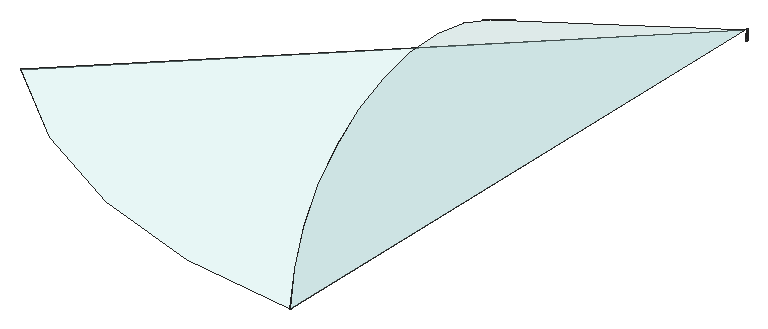
Revit family "Rotor 5000 Series - 5000+SPCSAMRN", category Acessórios do tubo, Revit 2020
Family settings
  Cota do conector redondo = Utilizar diâmetro
  Tipo de parte = Normal
  Número OmniClass = 23.60.30.11.14
  Título OmniClass = Pipework Fittings
  Com base no plano de trabalho = Não
  Sempre na vertical = Sim
  Corte com vazios quando carregada = Não
  Compartilhado = Não
Parameters (values of type "Rain Curtain 6.0")
  Water = Water
  URL = "https://www.rainbird.com/"
  TABLE 65 = "TABLE 65psi"
  TABLE 55 75 = "TABLE 55 75psi"
  TABLE 55 = "TABLE 55psi"
  TABLE 45 = "TABLE 45psi"
  TABLE 35 = "TABLE 35psi"
  TABLE 25 = "TABLE 25psi"
  SupportProjetos: Reviw Date = ""  # constant formula
  SupportProjetos: Reviw = "R00"  # constant formula
  SupportProjetos: Level of Detail = "LOD 300"  # constant formula
  SupportProjetos: Developed = "MICHEL SOARES MOTA"  # constant formula
  SupportProjetos: Creation Date = "07/08/2020"  # constant formula
  Side inlet = no
  Rotation Water Visibility [instance] = Pop up on  # yes
  Rotation Angle [instance] = 45.00°
  RainBird: Product Link = "https://www.rainbird.com/"
  RainBird: Description = "5000+SPCSAMRN Rotor "  # constant formula
  RainBird: Comment [instance] = ""
  RainBird: Code = ""  # constant formula
  Radius [instance] = if(and(Pressure = 25.0 psi, Instance < 25 ft), size_lookup(TABLE 25, "Radius", 0 ft, Instance), if(and(Pressure = 35.0 psi, Instance < 25 ft), size_lookup(TABLE 35, "Radius", 0 ft, Instance), if(and(Pressure = 45.0 psi, Instance < 25 ft), size_lookup(TABLE 45, "Radius", 0 ft, Instance), if(and(Pressure = 55.0 psi, Instance < 13 ft), size_lookup(TABLE 55, "Radius", 0 ft, Instance), if(and(Pressure = 65.0 psi, Instance < 13 ft), size_lookup(TABLE 65, "Radius", 0 ft, Instance), if(and(Pressure > 55.0 psi, Instance > 13 ft), size_lookup(TABLE 55 75, "Radius", 0 ft, Instance), 0 ft))))))  # 50 ft
  RT = 0.009893 ft
  RN = 0.032808 ft
  R5 = 0.03937 ft
  R4 = 0.04101 ft
  R3 = 0.065617 ft
  R2 = 0.075407 ft
  R1 = 0.032808 ft
  Pressure [instance] = 55.0 psi
  Pop up height = 0.334646 ft
  Pop up on [instance] = yes
  Modelo = "5000+SPCSAMRN"  # constant formula
  Instance = 7 ft
  H1 = Body height / 3  # 0.194663 ft
  Flow [instance] = if(and(Pressure = 25.0 psi, Instance < 25 ft), size_lookup(TABLE 25, "Flow", 0.0 GPM, Instance), if(and(Pressure = 35.0 psi, Instance < 25 ft), size_lookup(TABLE 35, "Flow", 0.0 GPM, Instance), if(and(Pressure = 45.0 psi, Instance < 25 ft), size_lookup(TABLE 45, "Flow", 0.0 GPM, Instance), if(and(Pressure = 55.0 psi, Instance < 13 ft), size_lookup(TABLE 55, "Flow", 0.0 GPM, Instance), if(and(Pressure = 65.0 psi, Instance < 13 ft), size_lookup(TABLE 65, "Flow", 0.0 GPM, Instance), if(and(Pressure > 55.0 psi, Instance > 13 ft), size_lookup(TABLE 55 75, "Flow", 0.0 GPM, Instance), 0.0 GPM))))))  # 6.63 GPM
  Fabricante = "Rain Bird"
  Elevação padrão = 0 ft
  Description = RainBird: Description  # "5000+SPCSAMRN Rotor "
  DD13 = 0.002625 ft
  DD12 = 0.003937 ft
  DD11 = 0.009897 ft
  DD10 = 0.016404 ft
  DD8 [instance] = if(Pop up on, Pop up height, 0 ft)  # 0.334646 ft
  DD7 = 0.019685 ft
  DD6 [instance] = 0.016404 ft
  DD5 = 0.065617 ft
  DD4 = 0.032808 ft
  DD3 = 0.091048 ft
  DD2 [instance] = 0.024514 ft
  DD9 [instance] = if(Pop up on, Pop up height + 0.049541 ft, 0 ft)  # 0.384186 ft
  DD1 = 0.006562 ft
  Conection = 0.062664 ft  # constant formula
  Body height = 0.58399 ft
  Blue = Blue Plastic
  Black Plastic = Black Plastic
  Angle = 25.00°
Types (25, lengths in ft): name | Rotation Angle | Radius | Pressure | Instance | Flow
  (no name) | 45.00° | 50 | 55.0 psi | 7 | 6.63 GPM
  Rain Curtain 1.5 | 180.00° | 33 | 25.0 psi | 1 | 1.12 GPM
  Rain Curtain 2.0 | 180.00° | 35 | 25.0 psi | 2 | 1.5 GPM
  Rain Curtain 3.0 | 180.00° | 36 | 25.0 psi | 4 | 2.26 GPM
  Rain Curtain 4.0 | 180.00° | 36 | 25.0 psi | 5 | 2.91 GPM
  Rain Curtain 5.0 | 180.00° | 37 | 25.0 psi | 6 | 3.72 GPM
  Rain Curtain 6.0 | 45.00° | 50 | 55.0 psi | 7 | 6.63 GPM
  Rain Curtain 8.0 | 180.00° | 33 | 25.0 psi | 8 | 5.9 GPM
  Rain Curtain 2.5 | 180.00° | 35 | 25.0 psi | 3 | 1.81 GPM
  1.0 LA | 180.00° | 25 | 25.0 psi | 9 | 0.76 GPM
  1.5 LA | 180.00° | 27 | 25.0 psi | 10 | 1.15 GPM
  2.0 LA | 180.00° | 29 | 25.0 psi | 11 | 1.47 GPM
  3.0 LA | 180.00° | 29 | 25.0 psi | 12 | 2.23 GPM
  PRS Rain Curtain 1.5 | 180.00° | 33 | 25.0 psi | 13 | 1.12 GPM
  PRS Rain Curtain 2.0 | 180.00° | 35 | 25.0 psi | 14 | 1.5 GPM
  PRS Rain Curtain 2.5 | 180.00° | 35 | 25.0 psi | 15 | 1.81 GPM
  PRS Rain Curtain 3.0 | 180.00° | 36 | 25.0 psi | 16 | 2.26 GPM
  PRS Rain Curtain 4.0 | 180.00° | 36 | 25.0 psi | 17 | 2.91 GPM
  PRS Rain Curtain 5.0 | 180.00° | 37 | 25.0 psi | 18 | 3.72 GPM
  PRS Rain Curtain 6.0 | 180.00° | 37 | 25.0 psi | 19 | 4.25 GPM
  PRS Rain Curtain 8.0 | 180.00° | 33 | 25.0 psi | 20 | 5.9 GPM
  PRS 1.0 LA | 180.00° | 25 | 25.0 psi | 21 | 0.76 GPM
  PRS 1.5 LA | 180.00° | 27 | 25.0 psi | 22 | 1.15 GPM
  PRS 2.0 LA | 180.00° | 29 | 25.0 psi | 23 | 1.47 GPM
  PRS 3.0 LA | 180.00° | 29 | 25.0 psi | 24 | 2.23 GPM
Reference planes (ft)
  plane 1 "Centro (Frente/Trás)": y = 0
  plane 2: z = 0
  plane 3 "Centro (Esquerda/Direita)": x = 0
  plane 4: z = 0.003937
  plane 5: z = 0.002625
  plane 6: y = -0.065617
Forms (ft)
  Revolve 1, solid, material "Black Plastic" <- "Black Plastic"
    sketch origin (0, 0, 0) x (1, 0, 0) y (0, 0, 1)
      loop
        line (0.075407, -0.091048) -> (0.075407, -0.035324)
        arc (0.075407, -0.035324) -> (0.072509, -0.028329) -> (0.065514, -0.025431) r 0.009893
        line (0.065514, -0.025431) -> (0.046098, -0.025431) -> (0.046098, 0) -> (0.03937, 0) -> (0.03937, -0.334646) -> (0.019685, -0.334646) -> (0.019685, -0.577428) -> (0.032808, -0.577428) -> (0.032808, -0.58399) -> (0.04101, -0.58399) -> (0.04101, -0.577428) -> (0.055724, -0.577428)
        arc (0.055724, -0.577428) -> (0.062719, -0.57453) -> (0.065617, -0.567535) r 0.009893
        line (0.065617, -0.567535) -> (0.065617, -0.091048) -> (0.075407, -0.091048)
      axis (0, -0.58399) -> (0, 0)
    angle from 0 to 360
  Extrusion 2, solid, material "Black Plastic" <- "Black Plastic"
    sketch origin (0, 0, 0) x (1, 0, 0) y (0, 1, 0)
      loop
        circle (0, 0) r 0.032808
    from -0.334646 to 0.334646
  Extrusion 3, void
    sketch origin (0, 0, 0) x (1, 0, 0) y (0, 1, 0)
      loop
        circle (0, 0) r 0.022844
    from -0.334646 to 0.334646
  Revolve 4, solid, material "Black Plastic" <- "Black Plastic"
    sketch origin (0, 0, 0) x (1, 0, 0) y (0, 0, 1)
      loop
        line (0, 0.334646) -> (0.037004, 0.334646) -> (0.037004, 0.344543)
        arc (0.037004, 0.344543) -> (0.01879, 0.349436) -> (0, 0.35105) r 0.10685
        line (0, 0.35105) -> (0, 0.334646)
      axis (0, 0.334646) -> (0, 0.35105)
    angle from 0 to 360
  Extrusion 5, solid, material "Blue Plastic" <- "Blue"
    sketch origin (0, 0, 0) x (1, 0, 0) y (0, 0, 1)
      loop
        circle (0, 0.310131) r 0.009129
      loop
        circle (0, 0.310131) r 0.004793
    from 0 to 0.034386
  Extrusion 6, void
    sketch origin (0, 0, 0) x (1, 0, 0) y (0, 0, 1)
      loop
        line (-0.02074, 0.328055) -> (-0.02074, 0.282426) -> (0.020672, 0.282426) -> (0.020672, 0.328055) -> (-0.02074, 0.328055)
      loop
        line (-0.018439, 0.325179) -> (-0.018439, 0.285685) -> (0.018179, 0.285685) -> (0.018179, 0.325179) -> (-0.018439, 0.325179)
    from 0.024556 to 0.06931
  Extrusion 7, solid, material "Black Plastic" <- "Black Plastic"
    sketch origin (0, 0, 0) x (1, 0, 0) y (0, 0, 1)
      loop
        line (0.046098, 0) -> (0.046098, -0.036876) -> (0.073493, -0.036876) -> (0.046098, 0)
    from -0.002998 to 0.002998
  Extrusion 8, solid, material "Black Plastic" <- "Black Plastic"
    sketch origin (0, 0, 0) x (-1, 0, 0) y (0, 0, -1)
      loop
        line (0.046098, 0) -> (0.073493, 0.036876) -> (0.046098, 0.036876) -> (0.046098, 0)
    from -0.002998 to 0.002998
  Extrusion 9, solid, material "Black Plastic" <- "Black Plastic"
    sketch origin (0, 0, 0) x (0.866025, 0.5, 0) y (0, 0, 1)
      loop
        line (0.046098, 0) -> (0.046098, -0.036876) -> (0.073493, -0.036876) -> (0.046098, 0)
    from -0.002998 to 0.002998
  Extrusion 10, solid, material "Black Plastic" <- "Black Plastic"
    sketch origin (0, 0, 0) x (-0.866025, -0.5, 0) y (0, 0, -1)
      loop
        line (0.046098, 0) -> (0.073493, 0.036876) -> (0.046098, 0.036876) -> (0.046098, 0)
    from -0.002998 to 0.002998
  Extrusion 11, solid, material "Black Plastic" <- "Black Plastic"
    sketch origin (0, 0, 0) x (0, 1, 0) y (0, 0, 1)
      loop
        line (0.046098, 0) -> (0.046098, -0.036876) -> (0.073493, -0.036876) -> (0.046098, 0)
    from -0.002998 to 0.002998
  Extrusion 12, solid, material "Black Plastic" <- "Black Plastic"
    sketch origin (0, 0, 0) x (0, -1, 0) y (0, 0, -1)
      loop
        line (0.046098, 0) -> (0.073493, 0.036876) -> (0.046098, 0.036876) -> (0.046098, 0)
    from -0.002998 to 0.002998
  Extrusion 13, solid, material "Black Plastic" <- "Black Plastic"
    sketch origin (0, 0, 0) x (0.5, 0.866025, 0) y (0, 0, 1)
      loop
        line (0.046098, 0) -> (0.046098, -0.036876) -> (0.073493, -0.036876) -> (0.046098, 0)
    from -0.002998 to 0.002998
  Extrusion 14, solid, material "Black Plastic" <- "Black Plastic"
    sketch origin (0, 0, 0) x (-0.5, -0.866025, 0) y (0, 0, -1)
      loop
        line (0.046098, 0) -> (0.073493, 0.036876) -> (0.046098, 0.036876) -> (0.046098, 0)
    from -0.002998 to 0.002998
  Extrusion 15, solid, material "Black Plastic" <- "Black Plastic"
    sketch origin (0, 0, 0) x (-0.5, 0.866025, 0) y (0, 0, 1)
      loop
        line (0.046098, 0) -> (0.046098, -0.036876) -> (0.073493, -0.036876) -> (0.046098, 0)
    from -0.002998 to 0.002998
  Extrusion 16, solid, material "Black Plastic" <- "Black Plastic"
    sketch origin (0, 0, 0) x (0.5, -0.866025, 0) y (0, 0, -1)
      loop
        line (0.046098, 0) -> (0.073493, 0.036876) -> (0.046098, 0.036876) -> (0.046098, 0)
    from -0.002998 to 0.002998
  Extrusion 17, solid, material "Black Plastic" <- "Black Plastic"
    sketch origin (0, 0, 0) x (-0.866025, 0.5, 0) y (0, 0, 1)
      loop
        line (0.046098, 0) -> (0.046098, -0.036876) -> (0.073493, -0.036876) -> (0.046098, 0)
    from -0.002998 to 0.002998
  Extrusion 18, solid, material "Black Plastic" <- "Black Plastic"
    sketch origin (0, 0, 0) x (0.866025, -0.5, 0) y (0, 0, -1)
      loop
        line (0.046098, 0) -> (0.073493, 0.036876) -> (0.046098, 0.036876) -> (0.046098, 0)
    from -0.002998 to 0.002998
  Extrusion 19, void
    sketch origin (0, 0, 0) x (1, 0, 0) y (0, 1, 0)
      loop
        line (-0.002998, 0.077702) -> (-0.002998, 0.071655) -> (0.002998, 0.071655) -> (0.002998, 0.077702) -> (-0.002998, 0.077702)
    from -0.091048 to 0.82021
  Extrusion 20, void
    sketch origin (0, 0, 0) x (1, 0, 0) y (0, 1, 0)
      loop
        line (0.002998, -0.077702) -> (0.002998, -0.071655) -> (-0.002998, -0.071655) -> (-0.002998, -0.077702) -> (0.002998, -0.077702)
    from -0.091048 to 0.82021
  Extrusion 21, void
    sketch origin (0, 0, 0) x (0.965926, 0.258819, 0) y (-0.258819, 0.965926, 0)
      loop
        line (-0.002998, 0.077702) -> (-0.002998, 0.071655) -> (0.002998, 0.071655) -> (0.002998, 0.077702) -> (-0.002998, 0.077702)
    from -0.091048 to 0.82021
  Extrusion 22, void
    sketch origin (0, 0, 0) x (0.965926, 0.258819, 0) y (-0.258819, 0.965926, 0)
      loop
        line (0.002998, -0.077702) -> (0.002998, -0.071655) -> (-0.002998, -0.071655) -> (-0.002998, -0.077702) -> (0.002998, -0.077702)
    from -0.091048 to 0.82021
  Extrusion 23, void
    sketch origin (0, 0, 0) x (0.866025, 0.5, 0) y (-0.5, 0.866025, 0)
      loop
        line (-0.002998, 0.077702) -> (-0.002998, 0.071655) -> (0.002998, 0.071655) -> (0.002998, 0.077702) -> (-0.002998, 0.077702)
    from -0.091048 to 0.82021
  Extrusion 24, void
    sketch origin (0, 0, 0) x (0.866025, 0.5, 0) y (-0.5, 0.866025, 0)
      loop
        line (0.002998, -0.077702) -> (0.002998, -0.071655) -> (-0.002998, -0.071655) -> (-0.002998, -0.077702) -> (0.002998, -0.077702)
    from -0.091048 to 0.82021
  Extrusion 25, void
    sketch origin (0, 0, 0) x (0.5, 0.866025, 0) y (-0.866025, 0.5, 0)
      loop
        line (-0.002998, 0.077702) -> (-0.002998, 0.071655) -> (0.002998, 0.071655) -> (0.002998, 0.077702) -> (-0.002998, 0.077702)
    from -0.091048 to 0.82021
  Extrusion 26, void
    sketch origin (0, 0, 0) x (0.5, 0.866025, 0) y (-0.866025, 0.5, 0)
      loop
        line (0.002998, -0.077702) -> (0.002998, -0.071655) -> (-0.002998, -0.071655) -> (-0.002998, -0.077702) -> (0.002998, -0.077702)
    from -0.091048 to 0.82021
  Extrusion 27, void
    sketch origin (0, 0, 0) x (0.707107, 0.707107, 0) y (-0.707107, 0.707107, 0)
      loop
        line (-0.002998, 0.077702) -> (-0.002998, 0.071655) -> (0.002998, 0.071655) -> (0.002998, 0.077702) -> (-0.002998, 0.077702)
    from -0.091048 to 0.82021
  Extrusion 28, void
    sketch origin (0, 0, 0) x (0.707107, 0.707107, 0) y (-0.707107, 0.707107, 0)
      loop
        line (0.002998, -0.077702) -> (0.002998, -0.071655) -> (-0.002998, -0.071655) -> (-0.002998, -0.077702) -> (0.002998, -0.077702)
    from -0.091048 to 0.82021
  Extrusion 29, void
    sketch origin (0, 0, 0) x (0.258819, 0.965926, 0) y (-0.965926, 0.258819, 0)
      loop
        line (-0.002998, 0.077702) -> (-0.002998, 0.071655) -> (0.002998, 0.071655) -> (0.002998, 0.077702) -> (-0.002998, 0.077702)
    from -0.091048 to 0.82021
  Extrusion 30, void
    sketch origin (0, 0, 0) x (0.258819, 0.965926, 0) y (-0.965926, 0.258819, 0)
      loop
        line (0.002998, -0.077702) -> (0.002998, -0.071655) -> (-0.002998, -0.071655) -> (-0.002998, -0.077702) -> (0.002998, -0.077702)
    from -0.091048 to 0.82021
  Extrusion 31, void
    sketch origin (0, 0, 0) x (0, 1, 0) y (-1, 0, 0)
      loop
        line (-0.002998, 0.077702) -> (-0.002998, 0.071655) -> (0.002998, 0.071655) -> (0.002998, 0.077702) -> (-0.002998, 0.077702)
    from -0.091048 to 0.82021
  Extrusion 32, void
    sketch origin (0, 0, 0) x (0, 1, 0) y (-1, 0, 0)
      loop
        line (0.002998, -0.077702) -> (0.002998, -0.071655) -> (-0.002998, -0.071655) -> (-0.002998, -0.077702) -> (0.002998, -0.077702)
    from -0.091048 to 0.82021
  Extrusion 33, void
    sketch origin (0, 0, 0) x (-0.258819, 0.965926, 0) y (-0.965926, -0.258819, 0)
      loop
        line (-0.002998, 0.077702) -> (-0.002998, 0.071655) -> (0.002998, 0.071655) -> (0.002998, 0.077702) -> (-0.002998, 0.077702)
    from -0.091048 to 0.82021
  Extrusion 34, void
    sketch origin (0, 0, 0) x (-0.258819, 0.965926, 0) y (-0.965926, -0.258819, 0)
      loop
        line (0.002998, -0.077702) -> (0.002998, -0.071655) -> (-0.002998, -0.071655) -> (-0.002998, -0.077702) -> (0.002998, -0.077702)
    from -0.091048 to 0.82021
  Extrusion 35, void
    sketch origin (0, 0, 0) x (-0.5, 0.866025, 0) y (-0.866025, -0.5, 0)
      loop
        line (-0.002998, 0.077702) -> (-0.002998, 0.071655) -> (0.002998, 0.071655) -> (0.002998, 0.077702) -> (-0.002998, 0.077702)
    from -0.091048 to 0.82021
  Extrusion 36, void
    sketch origin (0, 0, 0) x (-0.5, 0.866025, 0) y (-0.866025, -0.5, 0)
      loop
        line (0.002998, -0.077702) -> (0.002998, -0.071655) -> (-0.002998, -0.071655) -> (-0.002998, -0.077702) -> (0.002998, -0.077702)
    from -0.091048 to 0.82021
  Extrusion 37, void
    sketch origin (0, 0, 0) x (-0.707107, 0.707107, 0) y (-0.707107, -0.707107, 0)
      loop
        line (-0.002998, 0.077702) -> (-0.002998, 0.071655) -> (0.002998, 0.071655) -> (0.002998, 0.077702) -> (-0.002998, 0.077702)
    from -0.091048 to 0.82021
  Extrusion 38, void
    sketch origin (0, 0, 0) x (-0.707107, 0.707107, 0) y (-0.707107, -0.707107, 0)
      loop
        line (0.002998, -0.077702) -> (0.002998, -0.071655) -> (-0.002998, -0.071655) -> (-0.002998, -0.077702) -> (0.002998, -0.077702)
    from -0.091048 to 0.82021
  Extrusion 39, void
    sketch origin (0, 0, 0) x (-0.866025, 0.5, 0) y (-0.5, -0.866025, 0)
      loop
        line (-0.002998, 0.077702) -> (-0.002998, 0.071655) -> (0.002998, 0.071655) -> (0.002998, 0.077702) -> (-0.002998, 0.077702)
    from -0.091048 to 0.82021
  Extrusion 40, void
    sketch origin (0, 0, 0) x (-0.866025, 0.5, 0) y (-0.5, -0.866025, 0)
      loop
        line (0.002998, -0.077702) -> (0.002998, -0.071655) -> (-0.002998, -0.071655) -> (-0.002998, -0.077702) -> (0.002998, -0.077702)
    from -0.091048 to 0.82021
  Extrusion 41, void
    sketch origin (0, 0, 0) x (-0.965926, 0.258819, 0) y (-0.258819, -0.965926, 0)
      loop
        line (-0.002998, 0.077702) -> (-0.002998, 0.071655) -> (0.002998, 0.071655) -> (0.002998, 0.077702) -> (-0.002998, 0.077702)
    from -0.091048 to 0.82021
  Extrusion 42, void
    sketch origin (0, 0, 0) x (-0.965926, 0.258819, 0) y (-0.258819, -0.965926, 0)
      loop
        line (0.002998, -0.077702) -> (0.002998, -0.071655) -> (-0.002998, -0.071655) -> (-0.002998, -0.077702) -> (0.002998, -0.077702)
    from -0.091048 to 0.82021
  Extrusion 43, solid, material "Water" <- "Water", visible <- "Rotation Water Visibility"
    sketch origin (0, 0, 0) x (0, 1, 0) y (0, 0, 1)
      loop
        line (-0.032808, 0.310131) -> (-28.112196, 13.403765)
        arc (-28.112196, 13.403765) -> (-42.542576, 12.666347) -> (-50.032808, 0.310131) r 15.426605
        line (-50.032808, 0.310131) -> (-0.032808, 0.310131)
    from -0.008202 to 0.008202
Cuts and joins
  Extrusion 3, Extrusion 6 cuts Extrusion 2
  Extrusion 19, Extrusion 20, Extrusion 21, Extrusion 22, Extrusion 23, Extrusion 24, Extrusion 25, Extrusion 26, Extrusion 27, Extrusion 28, Extrusion 29, Extrusion 30, Extrusion 31, Extrusion 32, Extrusion 33, Extrusion 34, Extrusion 35, Extrusion 36, Extrusion 37, Extrusion 38, Extrusion 39, Extrusion 40, Extrusion 41, Extrusion 42 cuts Revolve 1
Dimensions and locks (ft)
  "Body height": level to Revolve 1 sketch curve
  "R2": Revolve 1 sketch curve to plane 3 "Centro (Esquerda/Direita)"
  "DD1": Revolve 1 sketch curve to Revolve 1 sketch curve
  "DD3": level to Revolve 1 sketch curve
  Revolve 1 sketch curve to plane 3 "Centro (Esquerda/Direita)" = 0.065617 ft
  "R4": Revolve 1 sketch curve to plane 3 "Centro (Esquerda/Direita)"
  "RN": Revolve 1 sketch curve to plane 3 "Centro (Esquerda/Direita)"
  "Pop up height": level to Revolve 1 sketch curve
  "R5": plane 3 "Centro (Esquerda/Direita)" to Revolve 1 sketch curve
  "DD7": Revolve 1 sketch curve to plane 3 "Centro (Esquerda/Direita)"
  "DD8": Extrusion 2 to level
  "DD12": plane 4 to level
  "DD13": plane 5 to level
  "R3": plane 6 to plane 1 "Centro (Frente/Trás)"
  "DD5": Revolve 1 sketch curve to Revolve 1 sketch curve
  "DD10": Revolve 4 sketch curve to Revolve 4 sketch curve
  "DD11": Revolve 4 sketch curve to Revolve 4 sketch curve
  "DD2": Revolve 4 to Extrusion 5 sketch curve  (x2)
  Extrusion 7 to plane 3 "Centro (Esquerda/Direita)" = 0.046098 ft
  equal spacing: Extrusion 7, plane 1 "Centro (Frente/Trás)", Extrusion 7
  Extrusion 8 to Extrusion 8 = 0.005995 ft
  Extrusion 9 to Extrusion 9 = 0.005995 ft
  Extrusion 20 sketch curve to Extrusion 20 sketch curve = 0.005995 ft
  Extrusion 22 sketch curve to Extrusion 22 sketch curve = 0.005995 ft
  Extrusion 24 sketch curve to Extrusion 24 sketch curve = 0.005995 ft
  Extrusion 26 sketch curve to Extrusion 26 sketch curve = 0.005995 ft
  Extrusion 28 sketch curve to Extrusion 28 sketch curve = 0.005995 ft
  Extrusion 30 sketch curve to Extrusion 30 sketch curve = 0.005995 ft
  Extrusion 32 sketch curve to Extrusion 32 sketch curve = 0.005995 ft
  Extrusion 34 sketch curve to Extrusion 34 sketch curve = 0.005995 ft
  Extrusion 36 sketch curve to Extrusion 36 sketch curve = 0.005995 ft
  Extrusion 38 sketch curve to Extrusion 38 sketch curve = 0.005995 ft
  Extrusion 40 sketch curve to Extrusion 40 sketch curve = 0.005995 ft
  Extrusion 42 sketch curve to Extrusion 42 sketch curve = 0.005995 ft
  "DD4": plane 1 "Centro (Frente/Trás)" to Extrusion 43 sketch curve
  "DD2": Revolve 4 to Extrusion 43 sketch curve
  "Radius": Extrusion 43 sketch curve to Extrusion 43 sketch curve
  equal spacing: Extrusion 43, plane 3 "Centro (Esquerda/Direita)", Extrusion 43
  "DD6": Extrusion 43 to Extrusion 43
  "DD2": Revolve 4 to nested 1
  "RT": radius of Revolve 1 sketch curve  (x2)
  "R1": radius of Extrusion 2 sketch curve
  "Angle": angle Extrusion 43 sketch curve to Extrusion 43 sketch curve
  aligned and locked: level to plane 2
  aligned and locked: Revolve 1 sketch curve to Revolve 1 sketch curve
  aligned and locked: Extrusion 2 to Revolve 1
  aligned and locked: cut or joined group of Extrusion 2, Extrusion 3, Extrusion 6 to cut or joined group of Extrusion 2, Extrusion 3, Extrusion 6  (x2)
  aligned and locked: Revolve 4 sketch curve to cut or joined group of Extrusion 2, Extrusion 3, Extrusion 6
  aligned and locked: Extrusion 20 to Revolve 1
  aligned and locked: Extrusion 22 to Revolve 1
  aligned and locked: Extrusion 24 to Revolve 1
  aligned and locked: Extrusion 28 to Revolve 1
  aligned and locked: Extrusion 26 to Revolve 1
  aligned and locked: Extrusion 30 to Revolve 1
  aligned and locked: Extrusion 32 to Revolve 1
  aligned and locked: Extrusion 34 to Revolve 1
  aligned and locked: Revolve 1 to Extrusion 36
  aligned and locked: Revolve 1 to Extrusion 38
  aligned and locked: Extrusion 41 to Revolve 1
  aligned and locked: Extrusion 39 to Revolve 1
  aligned and locked: Extrusion 37 to Revolve 1
  aligned and locked: Extrusion 35 to Revolve 1
  aligned and locked: Extrusion 33 to Revolve 1
  aligned and locked: Extrusion 31 to Revolve 1
  aligned and locked: Extrusion 29 to Revolve 1
  aligned and locked: Revolve 1 to Extrusion 25
  aligned and locked: Revolve 1 to Extrusion 27
  aligned and locked: Revolve 1 to Extrusion 19
  aligned and locked: Revolve 1 to Extrusion 21
  aligned and locked: Revolve 1 to Extrusion 42
  aligned and locked: Revolve 1 to Extrusion 40
  aligned and locked: Revolve 1 to Extrusion 23
Automatic sketch dimensions
  plane 1 "Centro (Frente/Trás)" to Extrusion 2 sketch curve = 0 ft
  Extrusion 2 sketch curve to plane 3 "Centro (Esquerda/Direita)" = 0 ft
  plane 1 "Centro (Frente/Trás)" to Extrusion 3 sketch curve = 0 ft
  Extrusion 3 sketch curve to plane 3 "Centro (Esquerda/Direita)" = 0 ft
  Revolve 4 sketch curve to plane 3 "Centro (Esquerda/Direita)" = 0 ft  (x2)
  plane 3 "Centro (Esquerda/Direita)" to Revolve 4 sketch curve = 0.000284 ft
  plane 3 "Centro (Esquerda/Direita)" to Revolve 4 sketch curve = 0.037004 ft
  Revolve 4 sketch curve to Revolve 4 sketch curve = 0.015719 ft
  Revolve 4 sketch curve to Revolve 4 sketch curve = 0.114829 ft
  Extrusion 5 sketch curve to Extrusion 5 sketch curve = 0 ft
  Extrusion 5 sketch curve to plane 3 "Centro (Esquerda/Direita)" = 0 ft
  Extrusion 6 sketch curve to plane 3 "Centro (Esquerda/Direita)" = 0.02074 ft
  Extrusion 6 sketch curve to Extrusion 6 sketch curve = 0.002301 ft
  plane 3 "Centro (Esquerda/Direita)" to Extrusion 6 sketch curve = 0.018179 ft
  Extrusion 6 sketch curve to Extrusion 6 sketch curve = 0.002492 ft
  plane 4 to Extrusion 6 sketch curve = 0.278489 ft
  Extrusion 6 sketch curve to Extrusion 6 sketch curve = 0.003259 ft
  Extrusion 6 sketch curve to Extrusion 6 sketch curve = 0.039494 ft
  Extrusion 6 sketch curve to Extrusion 6 sketch curve = 0.002876 ft
  Extrusion 7 sketch curve to level = 0 ft
  plane 3 "Centro (Esquerda/Direita)" to Extrusion 7 sketch curve = 0.046098 ft
  Extrusion 7 sketch curve to Extrusion 7 sketch curve = 0.027396 ft
  Extrusion 7 sketch curve to Extrusion 7 sketch curve = 0.036876 ft
  Extrusion 8 sketch curve to level = 0 ft
  plane 3 "Centro (Esquerda/Direita)" to Extrusion 8 sketch curve = 0.046098 ft
  Extrusion 8 sketch curve to Extrusion 8 sketch curve = 0.027396 ft
  Extrusion 8 sketch curve to Extrusion 8 sketch curve = 0.036876 ft
  Extrusion 9 sketch curve to level = 0 ft
  Extrusion 9 sketch curve to level = 0.036876 ft
  Extrusion 9 sketch curve to Extrusion 9 sketch curve = 0.027396 ft
  Extrusion 10 sketch curve to level = 0 ft
  Extrusion 10 sketch curve to level = 0.036876 ft
  Extrusion 10 sketch curve to Extrusion 10 sketch curve = 0.027396 ft
  Extrusion 11 sketch curve to level = 0 ft
  Extrusion 11 sketch curve to plane 1 "Centro (Frente/Trás)" = 0.046098 ft
  Extrusion 11 sketch curve to Extrusion 11 sketch curve = 0.027396 ft
  Extrusion 11 sketch curve to Extrusion 11 sketch curve = 0.036876 ft
  Extrusion 12 sketch curve to level = 0 ft
  plane 6 to Extrusion 12 sketch curve = 0.019519 ft
  Extrusion 12 sketch curve to plane 6 = 0.007877 ft
  Extrusion 12 sketch curve to level = 0.036876 ft
  Extrusion 13 sketch curve to level = 0 ft
  Extrusion 13 sketch curve to level = 0.036876 ft
  Extrusion 13 sketch curve to Extrusion 13 sketch curve = 0.027396 ft
  Extrusion 14 sketch curve to level = 0 ft
  Extrusion 14 sketch curve to level = 0.036876 ft
  Extrusion 14 sketch curve to Extrusion 14 sketch curve = 0.027396 ft
  level to Extrusion 15 sketch curve = 0 ft
  Extrusion 15 sketch curve to level = 0.036876 ft
  Extrusion 15 sketch curve to Extrusion 15 sketch curve = 0.027396 ft
  level to Extrusion 16 sketch curve = 0 ft
  Extrusion 16 sketch curve to level = 0.036876 ft
  Extrusion 16 sketch curve to Extrusion 16 sketch curve = 0.027396 ft
  level to Extrusion 17 sketch curve = 0 ft
  Extrusion 17 sketch curve to level = 0.036876 ft
  Extrusion 17 sketch curve to Extrusion 17 sketch curve = 0.027396 ft
  level to Extrusion 18 sketch curve = 0 ft
  Extrusion 18 sketch curve to level = 0.036876 ft
  Extrusion 18 sketch curve to Extrusion 18 sketch curve = 0.027396 ft
  Extrusion 19 sketch curve to plane 3 "Centro (Esquerda/Direita)" = 0.002998 ft
  Extrusion 19 sketch curve to plane 1 "Centro (Frente/Trás)" = 0.071655 ft
  Extrusion 19 sketch curve to Extrusion 19 sketch curve = 0.006047 ft
  plane 3 "Centro (Esquerda/Direita)" to Extrusion 20 sketch curve = 0.002998 ft
  plane 6 to Extrusion 20 sketch curve = 0.006038 ft
  Extrusion 20 sketch curve to Extrusion 20 sketch curve = 0.006047 ft
  plane 3 "Centro (Esquerda/Direita)" to Extrusion 19 sketch curve = 0.002998 ft
  Extrusion 21 sketch curve to plane 3 "Centro (Esquerda/Direita)" = 0.021441 ft
  Extrusion 21 sketch curve to plane 1 "Centro (Frente/Trás)" = 0.068438 ft
  Extrusion 21 sketch curve to Extrusion 21 sketch curve = 0.005995 ft
  Extrusion 21 sketch curve to Extrusion 21 sketch curve = 0.006047 ft
  Extrusion 22 sketch curve to plane 6 = 0.010213 ft
  plane 3 "Centro (Esquerda/Direita)" to Extrusion 22 sketch curve = 0.017215 ft
  Extrusion 22 sketch curve to Extrusion 22 sketch curve = 0.006047 ft
  Extrusion 23 sketch curve to plane 3 "Centro (Esquerda/Direita)" = 0.038424 ft
  Extrusion 23 sketch curve to plane 1 "Centro (Frente/Trás)" = 0.060556 ft
  Extrusion 23 sketch curve to Extrusion 23 sketch curve = 0.005995 ft
  Extrusion 23 sketch curve to Extrusion 23 sketch curve = 0.006047 ft
  Extrusion 24 sketch curve to plane 6 = 0.003174 ft
  plane 3 "Centro (Esquerda/Direita)" to Extrusion 24 sketch curve = 0.036255 ft
  Extrusion 24 sketch curve to Extrusion 24 sketch curve = 0.006047 ft
  Extrusion 25 sketch curve to plane 1 "Centro (Frente/Trás)" = 0.033231 ft
  Extrusion 25 sketch curve to plane 3 "Centro (Esquerda/Direita)" = 0.063554 ft
  Extrusion 25 sketch curve to Extrusion 25 sketch curve = 0.005995 ft
  Extrusion 25 sketch curve to Extrusion 25 sketch curve = 0.006047 ft
  Extrusion 26 sketch curve to plane 6 = 0.02417 ft
  Extrusion 26 sketch curve to plane 3 "Centro (Esquerda/Direita)" = 0.065793 ft
  Extrusion 26 sketch curve to Extrusion 26 sketch curve = 0.006047 ft
  Extrusion 27 sketch curve to plane 1 "Centro (Frente/Trás)" = 0.048548 ft
  Extrusion 27 sketch curve to plane 3 "Centro (Esquerda/Direita)" = 0.052787 ft
  Extrusion 27 sketch curve to Extrusion 27 sketch curve = 0.005995 ft
  Extrusion 27 sketch curve to Extrusion 27 sketch curve = 0.006047 ft
  plane 6 to Extrusion 28 sketch curve = 0.008554 ft
  plane 3 "Centro (Esquerda/Direita)" to Extrusion 28 sketch curve = 0.052824 ft
  Extrusion 28 sketch curve to Extrusion 28 sketch curve = 0.006047 ft
  Extrusion 29 sketch curve to plane 1 "Centro (Frente/Trás)" = 0.01565 ft
  Extrusion 29 sketch curve to plane 3 "Centro (Esquerda/Direita)" = 0.069989 ft
  Extrusion 29 sketch curve to Extrusion 29 sketch curve = 0.005995 ft
  Extrusion 29 sketch curve to Extrusion 29 sketch curve = 0.006047 ft
  plane 1 "Centro (Frente/Trás)" to Extrusion 30 sketch curve = 0.023006 ft
  plane 3 "Centro (Esquerda/Direita)" to Extrusion 30 sketch curve = 0.074278 ft
  Extrusion 30 sketch curve to Extrusion 30 sketch curve = 0.006047 ft
  plane 1 "Centro (Frente/Trás)" to Extrusion 31 sketch curve = 0.002998 ft
  Extrusion 31 sketch curve to plane 1 "Centro (Frente/Trás)" = 0.002998 ft
  Extrusion 31 sketch curve to plane 3 "Centro (Esquerda/Direita)" = 0.071655 ft
  Extrusion 31 sketch curve to Extrusion 31 sketch curve = 0.006047 ft
  plane 1 "Centro (Frente/Trás)" to Extrusion 32 sketch curve = 0.002998 ft
  plane 3 "Centro (Esquerda/Direita)" to Extrusion 32 sketch curve = 0.077702 ft
  Extrusion 32 sketch curve to Extrusion 32 sketch curve = 0.006047 ft
  plane 1 "Centro (Frente/Trás)" to Extrusion 33 sketch curve = 0.021441 ft
  Extrusion 33 sketch curve to plane 3 "Centro (Esquerda/Direita)" = 0.068438 ft
  Extrusion 33 sketch curve to Extrusion 33 sketch curve = 0.005995 ft
  Extrusion 33 sketch curve to Extrusion 33 sketch curve = 0.006047 ft
  Extrusion 34 sketch curve to plane 1 "Centro (Frente/Trás)" = 0.017215 ft
  plane 3 "Centro (Esquerda/Direita)" to Extrusion 34 sketch curve = 0.07583 ft
  Extrusion 34 sketch curve to Extrusion 34 sketch curve = 0.006047 ft
  plane 6 to Extrusion 35 sketch curve = 0.027193 ft
  Extrusion 35 sketch curve to plane 3 "Centro (Esquerda/Direita)" = 0.060556 ft
  Extrusion 35 sketch curve to Extrusion 35 sketch curve = 0.005995 ft
  Extrusion 35 sketch curve to Extrusion 35 sketch curve = 0.006047 ft
  Extrusion 36 sketch curve to plane 1 "Centro (Frente/Trás)" = 0.036255 ft
  plane 3 "Centro (Esquerda/Direita)" to Extrusion 36 sketch curve = 0.068791 ft
  Extrusion 36 sketch curve to Extrusion 36 sketch curve = 0.006047 ft
  plane 6 to Extrusion 37 sketch curve = 0.012829 ft
  Extrusion 37 sketch curve to plane 3 "Centro (Esquerda/Direita)" = 0.048548 ft
  Extrusion 37 sketch curve to Extrusion 37 sketch curve = 0.005995 ft
  Extrusion 37 sketch curve to Extrusion 37 sketch curve = 0.006047 ft
  Extrusion 38 sketch curve to plane 1 "Centro (Frente/Trás)" = 0.052824 ft
  plane 3 "Centro (Esquerda/Direita)" to Extrusion 38 sketch curve = 0.057063 ft
  Extrusion 38 sketch curve to Extrusion 38 sketch curve = 0.006047 ft
  plane 6 to Extrusion 39 sketch curve = 0.002063 ft
  Extrusion 39 sketch curve to plane 3 "Centro (Esquerda/Direita)" = 0.033231 ft
  Extrusion 39 sketch curve to Extrusion 39 sketch curve = 0.005995 ft
  Extrusion 39 sketch curve to Extrusion 39 sketch curve = 0.006047 ft
  plane 3 "Centro (Esquerda/Direita)" to Extrusion 40 sketch curve = 0.041447 ft
  Extrusion 40 sketch curve to plane 1 "Centro (Frente/Trás)" = 0.065793 ft
  Extrusion 40 sketch curve to Extrusion 40 sketch curve = 0.006047 ft
  Extrusion 41 sketch curve to plane 6 = 0.004372 ft
  Extrusion 41 sketch curve to plane 3 "Centro (Esquerda/Direita)" = 0.01565 ft
  Extrusion 41 sketch curve to Extrusion 41 sketch curve = 0.005995 ft
  Extrusion 41 sketch curve to Extrusion 41 sketch curve = 0.006047 ft
  plane 3 "Centro (Esquerda/Direita)" to Extrusion 42 sketch curve = 0.023006 ft
  Extrusion 42 sketch curve to plane 1 "Centro (Frente/Trás)" = 0.074278 ft
  Extrusion 42 sketch curve to Extrusion 42 sketch curve = 0.006047 ft
  Revolve 1 sketch curve to plane 3 "Centro (Esquerda/Direita)" = 0 ft
  Revolve 1 sketch curve to level = 0 ft
  Revolve 1 sketch curve to Revolve 1 sketch curve = 0.019416 ft
  plane 4 to Revolve 1 sketch curve = 0.079347 ft
  Revolve 1 sketch curve to Revolve 1 sketch curve = 0.918635 ft
  Extrusion 43 sketch curve to level = 0.577487 ft
  radius of Extrusion 3 sketch curve = 0.022844 ft
  radius of Extrusion 5 sketch curve = 0.009129 ft
  radius of Extrusion 5 sketch curve = 0.004793 ft
Nested families (ft)
  nested 1: "Water" at (0.000014, 0, 0.190873) x (0, -1, 0) z (0, 0, 1), DT9 <- "DD4", Radius <- "Radius", visible <- "Rotation Water Visibility", Rotation Angle <- "Rotation Angle", type "Water"
    with Rotation Angle 45.00°, Radius 50 ft, DT9 0.032808 ft, DT8 0 ft, DT7 200 ft, DT4 250 ft, Angle 2 315.00°
Connectors (ft)
  piping at (0, 0, -0.58399), diameter 2
    settings: on cut or joined group of Revolve 1, Extrusion 19, Extrusion 20, Extrusion 21, Extrusion 22, Extrusion 23, Extrusion 24, Extrusion 25, Extrusion 26, Extrusion 27, Extrusion 28, Extrusion 29, Extrusion 30, Extrusion 31, Extrusion 32, Extrusion 33, Extrusion 34, Extrusion 35, Extrusion 36, Extrusion 37, Extrusion 38, Extrusion 39, Extrusion 40, Extrusion 41, Extrusion 42, index 1, connector inside diameter 609.6 mm, connector length 0 ft, flow factor 0, pipe flow 0.0 GPM, pressure drop 0.0 psi, fitting loss kfactor 0, connector angle 0.00°, fixture units 0, engagement length 0 ft, angle of deflection 0.00°, flow configuration 0, flow direction 0, fitting loss method 0, system type 28, joint type 0, gender type 0, connector reference index -1, connector utility 0, adjustable connector no, is connector primary yes, connector description ""
Definition of nested family "Water"
  Parameters (values of type "Water")
    Water Visibility (Circle) = yes
    Water = none
    URL = ""
    SupportProjetos: Reviw Date = ""  # constant formula
    SupportProjetos: Level of Detail = "LOD 300"  # constant formula
    SupportProjetos: Developed = "MICHEL SOARES MOTA"  # constant formula
    SupportProjetos: Creation Date = "16/07/2020"  # constant formula
    Rotation Angle [instance] = 90.00°
    Reviw = "R00"  # constant formula
    Radius [instance] = 14 ft
    Model = ""
    Default Elevation = 4 ft
    Description = ""
    DT9 [instance] = 0.032808 ft
    DT8 [instance] = if(Rotation Angle = 360.00°, 10 ft, 0 ft)  # 0 ft
    DT7 [instance] = 4 * Radius  # 56 ft
    DT4 [instance] = 5 * Radius  # 70 ft
    DT2 = 0.098425 ft  # constant formula
    DT6 = 0 ft
    Angle 2 [instance] = if(Rotation Angle = 360.00°, 180.00°, 360.00° - Rotation Angle)  # 270.00°
  Reference planes (ft)
    plane 1 "Centro (Frente/Trás)": y = 0
    plane 2: z = 0
    plane 3 "Centro (Esquerda/Direita)": x = 0
  Forms (ft)
    Revolve 1, solid, material <- "Water", visible <- "Water Visibility (Circle)"
      sketch origin (0, 0, 0) x (1, 0, 0) y (0, 0, 1)
        loop
          line (0.032808, 0.098425) -> (14.032808, 0.098425) -> (14.032808, 0.119259) -> (0.032808, 0.119259) -> (0.032808, 0.098425)
        axis (0, 0.098425) -> (0, 0.119259)
      angle from 0 to 360
    Extrusion 2, void
      sketch origin (0, 0, 0) x (1, 0, 0) y (0, 1, 0)
        loop
          line (0, 0) -> (70, 0) -> (70, 56)
          arc (70, 56) -> (-70.459018, 51.588344) -> (0, -70) r 81.847109
          line (0, -70) -> (0, 0)
      from 0 to 15.189231
  Cuts and joins
    Extrusion 2 cuts Revolve 1
  Dimensions and locks (ft)
    "DT2": Revolve 1 sketch curve to level
    "DT4": Extrusion 2 sketch curve to Extrusion 2 sketch curve  (x2)
    "DT6": Extrusion 2 sketch curve to plane 3 "Centro (Esquerda/Direita)"
    "DT7": Extrusion 2 sketch curve to Extrusion 2 sketch curve
    "DT8": cut or joined group of Revolve 1, Extrusion 2 to level
    "Radius": Revolve 1 sketch curve to Revolve 1 sketch curve
    "DT9": Revolve 1 sketch curve to plane 3 "Centro (Esquerda/Direita)"
    "Angle 2": angle Extrusion 2 sketch curve to Extrusion 2 sketch curve
    aligned and locked: level to plane 2
    aligned and locked: plane 1 "Centro (Frente/Trás)" to Extrusion 2 sketch curve
  Automatic sketch dimensions
    plane 3 "Centro (Esquerda/Direita)" to Extrusion 2 sketch curve = 1.088227 ft
    Revolve 1 sketch curve to plane 3 "Centro (Esquerda/Direita)" = 0 ft
    Revolve 1 sketch curve to Revolve 1 sketch curve = 0.020833 ft
    Revolve 1 sketch curve to Revolve 1 sketch curve = 0.032113 ft
    Revolve 1 sketch curve to Revolve 1 sketch curve = 10.2693 ft
